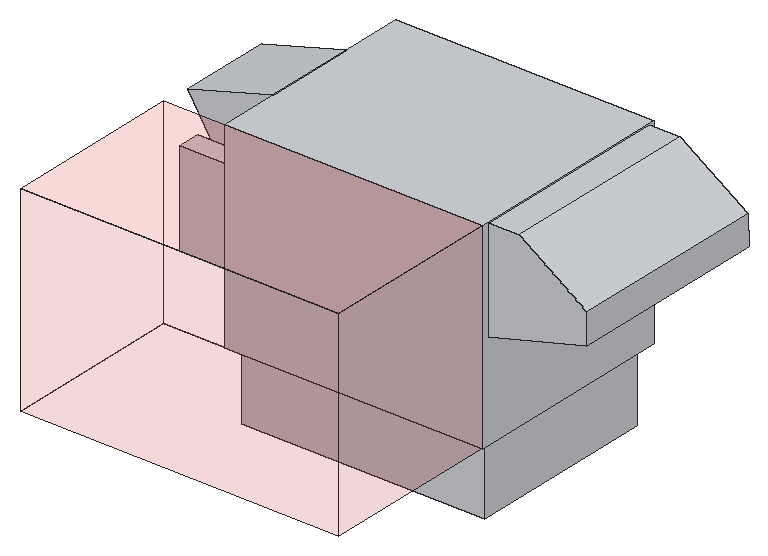
Revit family
Parameters (values of type "208 V Three Phase")
  Weight Scheduled [instance] = 488  # constant formula
  Voltage Workaround = Voltage / 1 V  # 208
  Voltage Scheduled = Voltage  # 208 V
  Voltage = 208 V
  VoltAmps Workaround [instance] = Voltage Workaround * Total FLA * sqrt(Phase)  # 0
  VoltAmps [instance] = VoltAmps Workaround * 1 VA  # 0 VA
  VFD [instance] = no
  URL = "http://www.renewaire.com/_assets/files/SubmittalForms/HE2XRTSubmittal.pdf"
  Total FLA [instance] = if(or(Supply Motor FLA = 0, Exhaust Motor FLA = 0), 0, (Supply Motor FLA * Supply Motor Count) + (Exhaust Motor FLA * Exhaust Motor Count))  # 0
  Supply Motor RPM Scheduled [instance] = Supply Motor RPM  # 0
  Supply Motor RPM [instance] = if(and(or(Supply ESP = 0, Supply ESP > 0), Supply ESP < 0.25), if(Supply Motor HP = 1.5, if(Supply CFM > 1970 CFM, 0, if(Supply CFM > 1765 CFM, 1504, if(Supply CFM > 1560 CFM, 1348, 1192))), if(Supply Motor HP = 2, if(Supply CFM > 2194 CFM, 0, if(Supply CFM > 2087 CFM, 1594, 1516)), 0)), if(and(or(Supply ESP = 0.25, Supply ESP > 0.25), Supply ESP < 0.5), if(Supply Motor HP = 1.5, if(Supply CFM > 1900 CFM, 0, if(Supply CFM > 1685 CFM, 1504, if(Supply CFM > 1460 CFM, 1348, 1192))), if(Supply Motor HP = 2, if(Supply CFM > 2110 CFM, 0, if(Supply CFM > 2000 CFM, 1594, 1516)), 0)), if(and(or(Supply ESP = 0.5, Supply ESP > 0.5), Supply ESP < 0.75), if(Supply Motor HP = 1.5, if(Supply CFM > 1800 CFM, 0, if(Supply CFM > 1560 CFM, 1504, if(Supply CFM > 1300 CFM, 1348, 1192))), if(Supply Motor HP = 2, if(Supply CFM > 2145 CFM, 0, if(Supply CFM > 2035 CFM, 1671, if(Supply CFM > 1915 CFM, 1594, 1516))), 0)), if(and(or(Supply ESP = 0.75, Supply ESP > 0.75), Supply ESP < 1), if(Supply Motor HP = 1.5, if(Supply CFM > 1670 CFM, 0, if(Supply CFM > 1380 CFM, 1504, if(Supply CFM > 1100 CFM, 1348, 1192))), if(Supply Motor HP = 2, if(Supply CFM > 2050 CFM, 0, if(Supply CFM > 1920 CFM, 1671, if(Supply CFM > 1775 CFM, 1594, 1516))), 0)), if(and(or(Supply ESP = 1, Supply ESP > 1), Supply ESP < 1.25), if(Supply Motor HP = 1.5, if(Supply CFM > 1500 CFM, 0, if(Supply CFM > 1210 CFM, 1504, if(Supply CFM > 845 CFM, 1348, 1192))), if(Supply Motor HP = 2, if(Supply CFM > 1905 CFM, 0, if(Supply CFM > 1765 CFM, 1671, if(Supply CFM > 1635 CFM, 1594, 1516))), 0)), if(and(or(Supply ESP = 1.25, Supply ESP > 1.25), Supply ESP < 1.5), if(Supply Motor HP = 1.5, if(Supply CFM > 1345 CFM, 0, if(Supply CFM > 945 CFM, 1504, 1348)), if(Supply Motor HP = 2, if(Supply CFM > 1775 CFM, 0, if(Supply CFM > 1630 CFM, 1671, if(Supply CFM > 1475 CFM, 1594, 1516))), 0)), if(Supply ESP = 1.5, if(Supply Motor HP = 1.5, if(Supply CFM > 1135 CFM, 0, if(Supply CFM > 650 CFM, 1504, 1348)), if(Supply Motor HP = 2, if(Supply CFM > 1640 CFM, 0, if(Supply CFM > 1470 CFM, 1671, if(Supply CFM > 1260 CFM, 1594, 1516))), 0)), 0)))))))  # 0
  Supply Motor HP Scheduled [instance] = Supply Motor HP  # 0
  Supply Motor HP [instance] = 0
  Supply Motor FLA [instance] = if(VFD, if(Supply Motor BHP = 0, 0, if(Supply Motor HP = 1.5, if(and(or(Voltage = 208 V, Voltage = 230 V), Phase = 1), 4.8, if(and(or(Voltage = 208 V, Voltage = 230 V), Phase = 3), 4.8, if(and(Voltage = 460 V, Phase = 3), 2.4, if(and(Voltage = 575 V, Phase = 3), 1.8, 0)))), if(Supply Motor HP = 2, if(and(or(Voltage = 208 V, Voltage = 230 V), Phase = 1), 6.1, if(and(or(Voltage = 208 V, Voltage = 230 V), Phase = 3), 6.1, if(and(Voltage = 460 V, Phase = 3), 2.9, if(and(Voltage = 575 V, Phase = 3), 2.4, 0)))), 0))), if(Supply Motor BHP = 0, 0, if(Supply Motor HP = 1.5, if(and(Voltage = 115 V, Phase = 1), 15.2, if(and(or(Voltage = 208 V, Voltage = 230 V), Phase = 1), 8.2, if(and(or(Voltage = 208 V, Voltage = 230 V), Phase = 3), 4.6, if(and(Voltage = 460 V, Phase = 3), 2.4, if(and(Voltage = 575 V, Phase = 3), 1.8, 0))))), if(Supply Motor HP = 2, if(and(Voltage = 115 V, Phase = 1), 20, if(and(or(Voltage = 208 V, Voltage = 230 V), Phase = 1), 10.8, if(and(or(Voltage = 208 V, Voltage = 230 V), Phase = 3), 6.1, if(and(Voltage = 460 V, Phase = 3), 2.9, if(and(Voltage = 575 V, Phase = 3), 2.4, 0))))), 0))))  # 0
  Supply Motor Count Scheduled [instance] = Supply Motor Count  # 0
  Supply Motor Count [instance] = if(Supply Motor HP = 0.75, 2, if(Supply Motor HP = 1.5, 1, if(Supply Motor HP = 2, 1, 0)))  # 0
  Supply Motor BHP [instance] = if(and(or(Supply ESP = 0, Supply ESP > 0), Supply ESP < 0.25), if(Supply Motor HP = 1.5, if(Supply CFM > 1970 CFM, 0, if(Supply CFM > 1765 CFM, 1.5, if(Supply CFM > 1560 CFM, 1.1, 0.7))), if(Supply Motor HP = 2, if(Supply CFM > 2194 CFM, 0, if(Supply CFM > 2087 CFM, 1.8, 1.6)), 0)), if(and(or(Supply ESP = 0.25, Supply ESP > 0.25), Supply ESP < 0.5), if(Supply Motor HP = 1.5, if(Supply CFM > 1900 CFM, 0, if(Supply CFM > 1685 CFM, 1.4, if(Supply CFM > 1460 CFM, 1, 0.7))), if(Supply Motor HP = 2, if(Supply CFM > 2110 CFM, 0, if(Supply CFM > 2000 CFM, 1.7, 1.5)), 0)), if(and(or(Supply ESP = 0.5, Supply ESP > 0.5), Supply ESP < 0.75), if(Supply Motor HP = 1.5, if(Supply CFM > 1800 CFM, 0, if(Supply CFM > 1560 CFM, 1.3, if(Supply CFM > 1300 CFM, 0.9, 0.6))), if(Supply Motor HP = 2, if(Supply CFM > 2145 CFM, 0, if(Supply CFM > 2035 CFM, 1.9, if(Supply CFM > 1915 CFM, 1.6, 1.4))), 0)), if(and(or(Supply ESP = 0.75, Supply ESP > 0.75), Supply ESP < 1), if(Supply Motor HP = 1.5, if(Supply CFM > 1670 CFM, 0, if(Supply CFM > 1380 CFM, 1.2, if(Supply CFM > 1100 CFM, 0.8, 0.5))), if(Supply Motor HP = 2, if(Supply CFM > 2050 CFM, 0, if(Supply CFM > 1920 CFM, 1.7, if(Supply CFM > 1775 CFM, 1.5, 1.2))), 0)), if(and(or(Supply ESP = 1, Supply ESP > 1), Supply ESP < 1.25), if(Supply Motor HP = 1.5, if(Supply CFM > 1500 CFM, 0, if(Supply CFM > 1210 CFM, 1.1, if(Supply CFM > 845 CFM, 0.7, 0.4))), if(Supply Motor HP = 2, if(Supply CFM > 1905 CFM, 0, if(Supply CFM > 1765 CFM, 1.5, if(Supply CFM > 1635 CFM, 1.3, 1.1))), 0)), if(and(or(Supply ESP = 1.25, Supply ESP > 1.25), Supply ESP < 1.5), if(Supply Motor HP = 1.5, if(Supply CFM > 1345 CFM, 0, if(Supply CFM > 945 CFM, 1, 0.6)), if(Supply Motor HP = 2, if(Supply CFM > 1775 CFM, 0, if(Supply CFM > 1630 CFM, 1.4, if(Supply CFM > 1475 CFM, 1.2, 1))), 0)), if(Supply ESP = 1.5, if(Supply Motor HP = 1.5, if(Supply CFM > 1135 CFM, 0, if(Supply CFM > 650 CFM, 0.8, 0.4)), if(Supply Motor HP = 2, if(Supply CFM > 1640 CFM, 0, if(Supply CFM > 1470 CFM, 1.3, if(Supply CFM > 1260 CFM, 1.1, 0.8))), 0)), 0)))))))  # 0
  Supply ESP Scheduled [instance] = Supply ESP  # 0
  Supply ESP [instance] = 0
  Supply CFM Scheduled [instance] = Supply CFM  # 0 CFM
  Supply CFM [instance] = 0 CFM
  Supply Air Winter RH Scheduled [instance] = 0
  Supply Air Winter DB Scheduled [instance] = 0
  Supply Air Summer RH Scheduled [instance] = 0
  Supply Air Summer DB Scheduled [instance] = 0
  Phase Scheduled = Phase  # 3
  Phase = 3
  Outside Air Winter RH Scheduled [instance] = 0
  Outside Air Winter DB Scheduled [instance] = 0
  Outside Air Summer RH Scheduled [instance] = 0
  Outside Air Summer DB Scheduled [instance] = 0
  Number of Poles = 3
  Model = "HE2XRTF"
  Manufacturer = "RenewAire"
  MOCP Scheduled [instance] = MOCP  # 0
  MOCP [instance] = if(VFD, if(Total FLA = 0, 0, if(and(or(Voltage = 208 V, Voltage = 230 V), Phase = 1), if(and(Supply Motor HP = 1.5, Exhaust Motor HP = 1.5), 25, if(and(Supply Motor HP = 2, Exhaust Motor HP = 1.5), 20, if(and(Supply Motor HP = 1.5, Exhaust Motor HP = 2), 20, if(and(Supply Motor HP = 2, Exhaust Motor HP = 2), 30, 0)))), if(and(or(Voltage = 208 V, Voltage = 230 V), Phase = 3), if(and(Supply Motor HP = 1.5, Exhaust Motor HP = 1.5), 15, if(and(Supply Motor HP = 2, Exhaust Motor HP = 1.5), 15, if(and(Supply Motor HP = 1.5, Exhaust Motor HP = 2), 15, if(and(Supply Motor HP = 2, Exhaust Motor HP = 2), 15, 0)))), if(and(Voltage = 460 V, Phase = 3), if(and(Supply Motor HP = 1.5, Exhaust Motor HP = 1.5), 15, if(and(Supply Motor HP = 2, Exhaust Motor HP = 1.5), 15, if(and(Supply Motor HP = 1.5, Exhaust Motor HP = 2), 15, if(and(Supply Motor HP = 2, Exhaust Motor HP = 2), 15, 0)))), if(and(Voltage = 575 V, Phase = 3), if(and(Supply Motor HP = 1.5, Exhaust Motor HP = 1.5), 15, if(and(Supply Motor HP = 2, Exhaust Motor HP = 1.5), 15, if(and(Supply Motor HP = 1.5, Exhaust Motor HP = 2), 15, if(and(Supply Motor HP = 2, Exhaust Motor HP = 2), 15, 0)))), 0))))), if(Total FLA = 0, 0, if(and(Voltage = 115 V, Phase = 1), if(and(Supply Motor HP = 1.5, Exhaust Motor HP = 1.5), 45, if(and(Supply Motor HP = 2, Exhaust Motor HP = 1.5), 60, if(and(Supply Motor HP = 1.5, Exhaust Motor HP = 2), 60, if(and(Supply Motor HP = 2, Exhaust Motor HP = 2), 60, 0)))), if(and(or(Voltage = 208 V, Voltage = 230 V), Phase = 1), if(and(Supply Motor HP = 1.5, Exhaust Motor HP = 1.5), 25, if(and(Supply Motor HP = 2, Exhaust Motor HP = 1.5), 30, if(and(Supply Motor HP = 1.5, Exhaust Motor HP = 2), 30, if(and(Supply Motor HP = 2, Exhaust Motor HP = 2), 35, 0)))), if(and(or(Voltage = 208 V, Voltage = 230 V), Phase = 3), if(and(Supply Motor HP = 1.5, Exhaust Motor HP = 1.5), 15, if(and(Supply Motor HP = 2, Exhaust Motor HP = 1.5), 15, if(and(Supply Motor HP = 1.5, Exhaust Motor HP = 2), 15, if(and(Supply Motor HP = 2, Exhaust Motor HP = 2), 15, 0)))), if(and(Voltage = 460 V, Phase = 3), if(and(Supply Motor HP = 1.5, Exhaust Motor HP = 1.5), 15, if(and(Supply Motor HP = 2, Exhaust Motor HP = 1.5), 15, if(and(Supply Motor HP = 1.5, Exhaust Motor HP = 2), 15, if(and(Supply Motor HP = 2, Exhaust Motor HP = 2), 15, 0)))), if(and(Voltage = 575 V, Phase = 3), if(and(Supply Motor HP = 1.5, Exhaust Motor HP = 1.5), 15, if(and(Supply Motor HP = 2, Exhaust Motor HP = 1.5), 15, if(and(Supply Motor HP = 1.5, Exhaust Motor HP = 2), 15, if(and(Supply Motor HP = 2, Exhaust Motor HP = 2), 15, 0)))), 0)))))))  # 0
  MCA Scheduled [instance] = MCA  # 0
  MCA [instance] = if(VFD, if(Total FLA = 0, 0, if(and(or(Voltage = 208 V, Voltage = 230 V), Phase = 1), if(and(Supply Motor HP = 1.5, Exhaust Motor HP = 1.5), 20.6, if(and(Supply Motor HP = 2, Exhaust Motor HP = 1.5), 23.6, if(and(Supply Motor HP = 1.5, Exhaust Motor HP = 2), 23.6, if(and(Supply Motor HP = 2, Exhaust Motor HP = 2), 26, 0)))), if(and(or(Voltage = 208 V, Voltage = 230 V), Phase = 3), if(and(Supply Motor HP = 1.5, Exhaust Motor HP = 1.5), 11.9, if(and(Supply Motor HP = 2, Exhaust Motor HP = 1.5), 13.6, if(and(Supply Motor HP = 1.5, Exhaust Motor HP = 2), 13.6, if(and(Supply Motor HP = 2, Exhaust Motor HP = 2), 15, 0)))), if(and(Voltage = 460 V, Phase = 3), if(and(Supply Motor HP = 1.5, Exhaust Motor HP = 1.5), 5.9, if(and(Supply Motor HP = 2, Exhaust Motor HP = 1.5), 6.6, if(and(Supply Motor HP = 1.5, Exhaust Motor HP = 2), 6.6, if(and(Supply Motor HP = 2, Exhaust Motor HP = 2), 7.2, 0)))), if(and(Voltage = 575 V, Phase = 3), if(and(Supply Motor HP = 1.5, Exhaust Motor HP = 1.5), 4.5, if(and(Supply Motor HP = 2, Exhaust Motor HP = 1.5), 5.3, if(and(Supply Motor HP = 1.5, Exhaust Motor HP = 2), 5.3, if(and(Supply Motor HP = 2, Exhaust Motor HP = 2), 5.9, 0)))), 0))))), if(Total FLA = 0, 0, if(and(Voltage = 115 V, Phase = 1), if(and(Supply Motor HP = 1.5, Exhaust Motor HP = 1.5), 34.2, if(and(Supply Motor HP = 2, Exhaust Motor HP = 1.5), 40.2, if(and(Supply Motor HP = 1.5, Exhaust Motor HP = 2), 40.2, if(and(Supply Motor HP = 2, Exhaust Motor HP = 2), 45, 0)))), if(and(or(Voltage = 208 V, Voltage = 230 V), Phase = 1), if(and(Supply Motor HP = 1.5, Exhaust Motor HP = 1.5), 18.5, if(and(Supply Motor HP = 2, Exhaust Motor HP = 1.5), 21.7, if(and(Supply Motor HP = 1.5, Exhaust Motor HP = 2), 21.7, if(and(Supply Motor HP = 2, Exhaust Motor HP = 2), 24.3, 0)))), if(and(or(Voltage = 208 V, Voltage = 230 V), Phase = 3), if(and(Supply Motor HP = 1.5, Exhaust Motor HP = 1.5), 11.9, if(and(Supply Motor HP = 2, Exhaust Motor HP = 1.5), 13.6, if(and(Supply Motor HP = 1.5, Exhaust Motor HP = 2), 13.6, if(and(Supply Motor HP = 2, Exhaust Motor HP = 2), 13.6, 0)))), if(and(Voltage = 460 V, Phase = 3), if(and(Supply Motor HP = 1.5, Exhaust Motor HP = 1.5), 5.4, if(and(Supply Motor HP = 2, Exhaust Motor HP = 1.5), 6, if(and(Supply Motor HP = 1.5, Exhaust Motor HP = 2), 6, if(and(Supply Motor HP = 2, Exhaust Motor HP = 2), 6.5, 0)))), if(and(Voltage = 575 V, Phase = 3), if(and(Supply Motor HP = 1.5, Exhaust Motor HP = 1.5), 4.1, if(and(Supply Motor HP = 2, Exhaust Motor HP = 1.5), 4.8, if(and(Supply Motor HP = 1.5, Exhaust Motor HP = 2), 4.8, if(and(Supply Motor HP = 2, Exhaust Motor HP = 2), 5.4, 0)))), 0)))))))  # 0
  FLA Scheduled [instance] = Total FLA  # 0
  Exhaust RH Scheduled [instance] = 0
  Exhaust Motor RPM Scheduled [instance] = Exhaust Motor RPM  # 0
  Exhaust Motor RPM [instance] = if(and(or(Exhaust ESP = 0, Exhaust ESP > 0), Exhaust ESP < 0.25), if(Exhaust Motor HP = 1.5, if(Exhaust CFM > 1970 CFM, 0, if(Exhaust CFM > 1765 CFM, 1504, if(Exhaust CFM > 1560 CFM, 1348, 1192))), if(Exhaust Motor HP = 2, if(Exhaust CFM > 2194 CFM, 0, if(Exhaust CFM > 2087 CFM, 1594, 1516)), 0)), if(and(or(Exhaust ESP = 0.25, Exhaust ESP > 0.25), Exhaust ESP < 0.5), if(Exhaust Motor HP = 1.5, if(Exhaust CFM > 1900 CFM, 0, if(Exhaust CFM > 1685 CFM, 1504, if(Exhaust CFM > 1460 CFM, 1348, 1192))), if(Exhaust Motor HP = 2, if(Exhaust CFM > 2110 CFM, 0, if(Exhaust CFM > 2000 CFM, 1594, 1516)), 0)), if(and(or(Exhaust ESP = 0.5, Exhaust ESP > 0.5), Exhaust ESP < 0.75), if(Exhaust Motor HP = 1.5, if(Exhaust CFM > 1800 CFM, 0, if(Exhaust CFM > 1560 CFM, 1504, if(Exhaust CFM > 1300 CFM, 1348, 1192))), if(Exhaust Motor HP = 2, if(Exhaust CFM > 2145 CFM, 0, if(Exhaust CFM > 2035 CFM, 1671, if(Exhaust CFM > 1915 CFM, 1594, 1516))), 0)), if(and(or(Exhaust ESP = 0.75, Exhaust ESP > 0.75), Exhaust ESP < 1), if(Exhaust Motor HP = 1.5, if(Exhaust CFM > 1670 CFM, 0, if(Exhaust CFM > 1380 CFM, 1504, if(Exhaust CFM > 1100 CFM, 1348, 1192))), if(Exhaust Motor HP = 2, if(Exhaust CFM > 2050 CFM, 0, if(Exhaust CFM > 1920 CFM, 1671, if(Exhaust CFM > 1775 CFM, 1594, 1516))), 0)), if(and(or(Exhaust ESP = 1, Exhaust ESP > 1), Exhaust ESP < 1.25), if(Exhaust Motor HP = 1.5, if(Exhaust CFM > 1500 CFM, 0, if(Exhaust CFM > 1210 CFM, 1504, if(Exhaust CFM > 845 CFM, 1348, 1192))), if(Exhaust Motor HP = 2, if(Exhaust CFM > 1905 CFM, 0, if(Exhaust CFM > 1765 CFM, 1671, if(Exhaust CFM > 1635 CFM, 1594, 1516))), 0)), if(and(or(Exhaust ESP = 1.25, Exhaust ESP > 1.25), Exhaust ESP < 1.5), if(Exhaust Motor HP = 1.5, if(Exhaust CFM > 1345 CFM, 0, if(Exhaust CFM > 945 CFM, 1504, 1348)), if(Exhaust Motor HP = 2, if(Exhaust CFM > 1775 CFM, 0, if(Exhaust CFM > 1630 CFM, 1671, if(Exhaust CFM > 1475 CFM, 1594, 1516))), 0)), if(Exhaust ESP = 1.5, if(Exhaust Motor HP = 1.5, if(Exhaust CFM > 1135 CFM, 0, if(Exhaust CFM > 650 CFM, 1504, 1348)), if(Exhaust Motor HP = 2, if(Exhaust CFM > 1640 CFM, 0, if(Exhaust CFM > 1470 CFM, 1671, if(Exhaust CFM > 1260 CFM, 1594, 1516))), 0)), 0)))))))  # 0
  Exhaust Motor HP Scheduled [instance] = Exhaust Motor HP  # 0
  Exhaust Motor HP [instance] = 0
  Exhaust Motor FLA [instance] = if(VFD, if(Exhaust Motor BHP = 0, 0, if(Exhaust Motor HP = 1.5, if(and(or(Voltage = 208 V, Voltage = 230 V), Phase = 1), 4.8, if(and(or(Voltage = 208 V, Voltage = 230 V), Phase = 3), 4.8, if(and(Voltage = 460 V, Phase = 3), 2.4, if(and(Voltage = 575 V, Phase = 3), 1.8, 0)))), if(Exhaust Motor HP = 2, if(and(or(Voltage = 208 V, Voltage = 230 V), Phase = 1), 6.1, if(and(or(Voltage = 208 V, Voltage = 230 V), Phase = 3), 6.1, if(and(Voltage = 460 V, Phase = 3), 2.9, if(and(Voltage = 575 V, Phase = 3), 2.4, 0)))), 0))), if(Exhaust Motor BHP = 0, 0, if(Exhaust Motor HP = 1.5, if(and(Voltage = 115 V, Phase = 1), 15.2, if(and(or(Voltage = 208 V, Voltage = 230 V), Phase = 1), 8.2, if(and(or(Voltage = 208 V, Voltage = 230 V), Phase = 3), 4.6, if(and(Voltage = 460 V, Phase = 3), 2.4, if(and(Voltage = 575 V, Phase = 3), 1.8, 0))))), if(Exhaust Motor HP = 2, if(and(Voltage = 115 V, Phase = 1), 20, if(and(or(Voltage = 208 V, Voltage = 230 V), Phase = 1), 10.8, if(and(or(Voltage = 208 V, Voltage = 230 V), Phase = 3), 6.1, if(and(Voltage = 460 V, Phase = 3), 2.9, if(and(Voltage = 575 V, Phase = 3), 2.4, 0))))), 0))))  # 0
  Exhaust Motor Count Scheduled [instance] = Exhaust Motor Count  # 0
  Exhaust Motor Count [instance] = if(Exhaust Motor HP = 0.75, 2, if(Exhaust Motor HP = 1.5, 1, if(Exhaust Motor HP = 2, 1, 0)))  # 0
  Exhaust Motor BHP [instance] = if(and(or(Exhaust ESP = 0, Exhaust ESP > 0), Exhaust ESP < 0.25), if(Exhaust Motor HP = 1.5, if(Exhaust CFM > 1970 CFM, 0, if(Exhaust CFM > 1765 CFM, 1.5, if(Exhaust CFM > 1560 CFM, 1.1, 0.7))), if(Exhaust Motor HP = 2, if(Exhaust CFM > 2194 CFM, 0, if(Exhaust CFM > 2087 CFM, 1.8, 1.6)), 0)), if(and(or(Exhaust ESP = 0.25, Exhaust ESP > 0.25), Exhaust ESP < 0.5), if(Exhaust Motor HP = 1.5, if(Exhaust CFM > 1900 CFM, 0, if(Exhaust CFM > 1685 CFM, 1.4, if(Exhaust CFM > 1460 CFM, 1, 0.7))), if(Exhaust Motor HP = 2, if(Exhaust CFM > 2110 CFM, 0, if(Exhaust CFM > 2000 CFM, 1.7, 1.5)), 0)), if(and(or(Exhaust ESP = 0.5, Exhaust ESP > 0.5), Exhaust ESP < 0.75), if(Exhaust Motor HP = 1.5, if(Exhaust CFM > 1800 CFM, 0, if(Exhaust CFM > 1560 CFM, 1.3, if(Exhaust CFM > 1300 CFM, 0.9, 0.6))), if(Exhaust Motor HP = 2, if(Exhaust CFM > 2145 CFM, 0, if(Exhaust CFM > 2035 CFM, 1.9, if(Exhaust CFM > 1915 CFM, 1.6, 1.4))), 0)), if(and(or(Exhaust ESP = 0.75, Exhaust ESP > 0.75), Exhaust ESP < 1), if(Exhaust Motor HP = 1.5, if(Exhaust CFM > 1670 CFM, 0, if(Exhaust CFM > 1380 CFM, 1.2, if(Exhaust CFM > 1100 CFM, 0.8, 0.5))), if(Exhaust Motor HP = 2, if(Exhaust CFM > 2050 CFM, 0, if(Exhaust CFM > 1920 CFM, 1.7, if(Exhaust CFM > 1775 CFM, 1.5, 1.2))), 0)), if(and(or(Exhaust ESP = 1, Exhaust ESP > 1), Exhaust ESP < 1.25), if(Exhaust Motor HP = 1.5, if(Exhaust CFM > 1500 CFM, 0, if(Exhaust CFM > 1210 CFM, 1.1, if(Exhaust CFM > 845 CFM, 0.7, 0.4))), if(Exhaust Motor HP = 2, if(Exhaust CFM > 1905 CFM, 0, if(Exhaust CFM > 1765 CFM, 1.5, if(Exhaust CFM > 1635 CFM, 1.3, 1.1))), 0)), if(and(or(Exhaust ESP = 1.25, Exhaust ESP > 1.25), Exhaust ESP < 1.5), if(Exhaust Motor HP = 1.5, if(Exhaust CFM > 1345 CFM, 0, if(Exhaust CFM > 945 CFM, 1, 0.6)), if(Exhaust Motor HP = 2, if(Exhaust CFM > 1775 CFM, 0, if(Exhaust CFM > 1630 CFM, 1.4, if(Exhaust CFM > 1475 CFM, 1.2, 1))), 0)), if(Exhaust ESP = 1.5, if(Exhaust Motor HP = 1.5, if(Exhaust CFM > 1135 CFM, 0, if(Exhaust CFM > 650 CFM, 0.8, 0.4)), if(Exhaust Motor HP = 2, if(Exhaust CFM > 1640 CFM, 0, if(Exhaust CFM > 1470 CFM, 1.3, if(Exhaust CFM > 1260 CFM, 1.1, 0.8))), 0)), 0)))))))  # 0
  Exhaust ESP Scheduled [instance] = Exhaust ESP  # 0
  Exhaust ESP [instance] = 0
  Exhaust DB Scheduled [instance] = 0
  Exhaust CFM Scheduled [instance] = Exhaust CFM  # 0 CFM
  Exhaust CFM [instance] = 0 CFM
  Enthalpy Effect Winter Scheduled [instance] = 0
  Enthalpy Effect Summer Scheduled [instance] = 0
Types (9): name | Voltage Workaround | Voltage Scheduled | Voltage | VFD | Phase Scheduled | Phase | Number of Poles
  (no name) | 208 | 208 V | 208 V | no | 3 | 3 | 3
  115 V Single Phase | 115 | 115 V | 115 V | yes | 1 | 1 | 1
  208 V Single Phase | 208 | 208 V | 208 V | yes | 1 | 1 | 2
  230 V Single Phase | 230 | 230 V | 230 V | yes | 1 | 1 | 2
  277 V Single Phase | 277 | 277 V | 277 V | yes | 1 | 1 | 1
  208 V Three Phase | 208 | 208 V | 208 V | no | 3 | 3 | 3
  230 V Three Phase | 230 | 230 V | 230 V | yes | 3 | 3 | 3
  460 V Three Phase | 460 | 460 V | 460 V | yes | 3 | 3 | 3
  575 V Three Phase | 575 | 575 V | 575 V | yes | 3 | 3 | 3
Reference planes (in)
  plane 1 "Center (Front/Back)": y = 0
  plane 2: z = 0
  plane 3 "Center (Left/Right)": x = 0
Forms (in)
  Extrusion 1, solid
    sketch origin (0, 0, 0) x (1, 0, 0) y (0, 1, 0)
      loop
        line (-25.5, 21.125) -> (-25.5, -21.125) -> (25.5, -21.125) -> (25.5, 21.125) -> (-25.5, 21.125)
    from 14 to 53.375
  Extrusion 2, solid
    sketch origin (0, -1, 0) x (1, 0, 0) y (0, 1, 0)
      loop
        line (-24, 19.8125) -> (-24, -17.8125) -> (24, -17.8125) -> (24, 19.8125) -> (-24, 19.8125)
    from 0 to 14
  Extrusion 3, solid
    sketch origin (0, 0, 0) x (1, 0, 0) y (0, 0, 1)
      loop
        line (-25.5625, 53.375) -> (-42.375, 48.58032) -> (-32.5625, 32.625) -> (-25.5625, 32.625) -> (-25.5625, 53.375)
    from -9.125 to 9.125
  Extrusion 4, solid
    sketch origin (-25.5, 21.1405, 11.125) x (0, 1, 0) y (0, 0, -1)
      loop
        line (-33.8905, -32.625) -> (-33.8905, -14) -> (-38.3905, -14) -> (-38.3905, -32.625) -> (-33.8905, -32.625)
    from 0 to 12
  Extrusion 5, solid
    sketch origin (0, 0, 0) x (1, 0, 0) y (0, 1, 0)
      loop
        line (-37.5, -21.125) -> (-37.5, -56.625) -> (25.5, -56.625) -> (25.5, -21.125) -> (-37.5, -21.125)
    from 14 to 53.375
  Extrusion 6, solid
    sketch origin (0, 0, 0) x (1, 0, 0) y (0, 0, 1)
      loop
        line (25.5, 53.375) -> (25.5, 33.35848) -> (45.125, 38.54469) -> (45.125, 44.54469) -> (31.5625, 53.375) -> (25.5, 53.375)
    from -19.8125 to 20
  Extrusion 7, solid
    sketch origin (-25.5, 22.74165, 0) x (0, -1, 0) y (0, 0, 1)
      loop
        line (32.86665, 31) -> (8.86665, 31) -> (8.86665, 17) -> (32.86665, 17) -> (32.86665, 31)
    from 0 to 1
Cuts and joins
  joined: Extrusion 1, Extrusion 2, Extrusion 3, Extrusion 4
Lines and regions (in)
  Split face 1
    outline origin (31.5625, -1, 0) x (1, 0, 0) y (0, 1, 0)
      loop
        line (-20.8125, 13) -> (-20.8125, -11) -> (-10.8125, -11) -> (-10.8125, 13) -> (-20.8125, 13)
  symbolic lines
    curve 1: line (31.5, 0, 0) -> (31.5, -20, 0)
    curve 2: line (31.5, 0, 0) -> (31.5, 20, 0)
Dimensions and locks (in)
  equal spacing: Extrusion 1 sketch curve, plane 3 "Center (Left/Right)", Extrusion 1 sketch curve
  equal spacing: Extrusion 1 sketch curve, plane 1 "Center (Front/Back)", Extrusion 1 sketch curve
  plane 1 "Center (Front/Back)" to Extrusion 1 sketch curve = 1' - 9 1/8"
  Extrusion 1 sketch curve to plane 3 "Center (Left/Right)" = 2' - 1 1/2"
  cut or joined group of Extrusion 1, Extrusion 2, Extrusion 3, Extrusion 4 to cut or joined group of Extrusion 1, Extrusion 2, Extrusion 3, Extrusion 4 = 0' - 11 1/8"
Connectors (in)
  hvac at (15.75, 0, 0), driven by "Exhaust CFM"
    settings: on Extrusion 2, index 1, duct flow 0 CFM, flow factor 0, pres drop 0.00 in-wg, loss coef 0, conn angle 0.00°, conn width 10", conn height 24", conn radius 12", duct sys type 3, conn prof type 1, flow config 0, flow direction 1, loss method 0, conn ref index -1, conn util no, is conn primary yes, conn desc ""
  electrical at (-31.5, -15, 25.125), driven by "Voltage", driven by "VoltAmps", driven by "Number of Poles"
    settings: on Extrusion 4, index 3, voltage 208 V, apparent load 0 VA, apparent load phase1 0 VA, apparent load phase2 0 VA, apparent load phase3 0 VA, power factor 1, load classification "HVAC", number of poles 3, system type 30, power factor state 1, is connector primary yes, connector utility no, sub classification motor no, connector description ""
  hvac at (-26.5, 1.875, 24), driven by "Supply CFM"
    settings: on Extrusion 7, index 5, duct flow 0 CFM, flow factor 0, pres drop 0.00 in-wg, loss coef 0, conn angle 0.00°, conn width 24", conn height 14", conn radius 12", duct sys type 1, conn prof type 1, flow config 0, flow direction 2, loss method 0, conn ref index -1, conn util no, is conn primary no, conn desc ""
